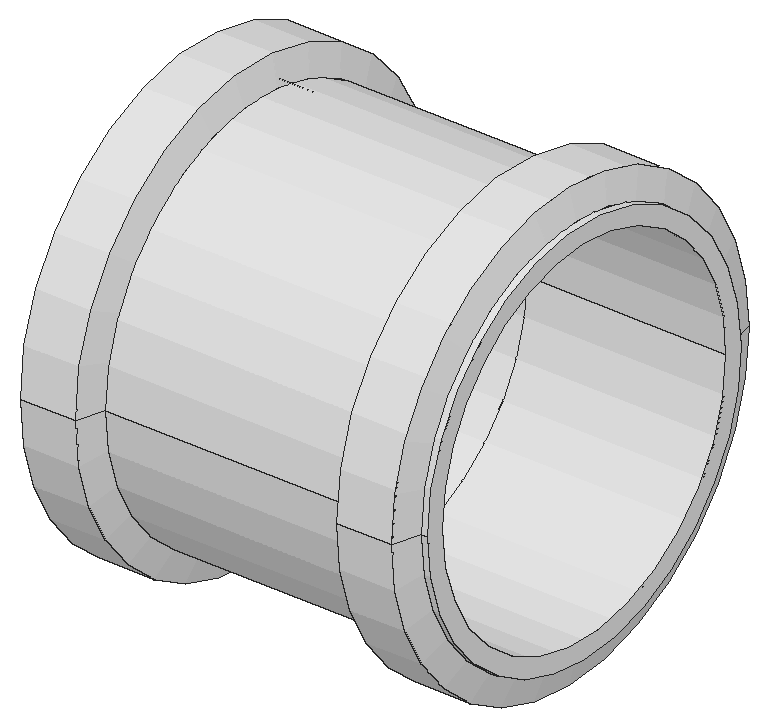
Revit family "Luva_de_Correr", category Pipe Fittings, Revit 2025
Family settings
  Round Connector Dimension = Use Radius
  Part Type = Union
  Work Plane-Based = No
  Always vertical = Yes
  Cut with Voids When Loaded = No
  Shared = No
Parameters (values of type "Standard")
  URL = "http://www.tigre.com.br"
  Type Comments = ""
  Tigre: Sistema = "Esgoto"  # constant formula
  Tigre: Norma = ""
  Tigre: Material = "PVC Branco"  # constant formula
  Tigre: Marcador [instance] = "00"
  Tigre: Link do Produto = "http://www.tigre.com.br/pt/produtos_unico.php?rcr_id=4&cpr_id=10&cpr_id_pai=4&lnh_id=9&prd_id=712"
  Tigre: Linha = "Série Normal"  # constant formula
  Tigre: Fabricante = "© Tigre S/A"  # constant formula
  Tigre: Descrição [instance] = if(Diâmetro Nominal = 40.00 mm, "Luva de Correr 40mm, Esgoto Série Normal - TIGRE", if(Diâmetro Nominal = 50.00 mm, "Luva de Correr 50mm, Esgoto Série Normal - TIGRE", if(Diâmetro Nominal = 75.00 mm, "Luva de Correr 75mm, Esgoto Série Normal - TIGRE", if(Diâmetro Nominal = 100.00 mm, "Luva de Correr 100mm, Esgoto Série Normal - TIGRE", if(Diâmetro Nominal = 150.00 mm, "Luva de Correr 150mm, Esgoto Série Normal - TIGRE", if(Diâmetro Nominal = 200.00 mm, "Luva de Correr 200mm, Esgoto Série Normal - TIGRE", "Produto Inexistente"))))))  # "Luva de Correr 40mm, Esgoto Série Normal - TIGRE"
  Tigre: Código com Separador [instance] = if(Diâmetro Nominal = 40.00 mm, "27.58.045.9", if(Diâmetro Nominal = 50.00 mm, "26.32.050.0", if(Diâmetro Nominal = 75.00 mm, "26.32.075.5", if(Diâmetro Nominal = 100.00 mm, "26.32.100.0", if(Diâmetro Nominal = 150.00 mm, "26.32.150.6", if(Diâmetro Nominal = 200.00 mm, "26.32.200.6", "Produto ou Código Inexistente"))))))  # "27.58.045.9"
  Tigre: Código [instance] = if(Diâmetro Nominal = 40.00 mm, 27580459, if(Diâmetro Nominal = 50.00 mm, 26320500, if(Diâmetro Nominal = 75.00 mm, 26320755, if(Diâmetro Nominal = 100.00 mm, 26321000, if(Diâmetro Nominal = 150.00 mm, 26321506, if(Diâmetro Nominal = 200.00 mm, 26322006, 0))))))  # 27580459
  Tigre: Comentários [instance] = ""
  Representação Unifilar [instance] = Diâmetro Nominal * 0.2  # 8.00 mm
  Raio Nominal [instance] = 20 mm
  Raio Externo 2 [instance] = Diâmetro Externo 2 / 2  # 25.10 mm
  Raio Externo 1 [instance] = Diâmetro Externo 1 / 2  # 22.00 mm
  Model = ""
  Manufacturer = Tigre: Fabricante  # "© Tigre S/A"
  Loss Method = Not Defined
  Lookup Table Name = "Luva de Correr - Serie Normal - Esgoto - MEP - Tigre"
  K Coefficient Table = "Reducer/Coupling/Union/Increaser"
  Description = "Luva de Correr, Esgoto Série Normal - TIGRE"
  Default Elevation = 0.00 mm
  Acabamento [instance] = none
  Diâmetro Nominal [instance] = Raio Nominal * 2  # 40 mm
  Diâmetro Externo 2 [instance] = size_lookup(Lookup Table Name, "DE2", 1.0863 * Diâmetro Nominal + 7.62 mm, Diâmetro Nominal)  # 50.2 mm
  Diâmetro Externo 1 [instance] = size_lookup(Lookup Table Name, "DE1", 1.0327 * Diâmetro Nominal + 2.80 mm, Diâmetro Nominal)  # 44 mm
  Cota E [instance] = size_lookup(Lookup Table Name, "CotE", 0.0939 * Diâmetro Nominal + 3.81 mm, Diâmetro Nominal)  # 6.2 mm
  Cota D [instance] = size_lookup(Lookup Table Name, "CotD", 0.0274 * Diâmetro Nominal + 3.24 mm, Diâmetro Nominal)  # 1.6 mm
  Cota C [instance] = size_lookup(Lookup Table Name, "CotC", 0.0242 * Diâmetro Nominal + 2.39 mm, Diâmetro Nominal)  # 0.8 mm
  Cota B [instance] = size_lookup(Lookup Table Name, "CotB", 0.6502 * Diâmetro Nominal + 7.45 mm, Diâmetro Nominal)  # 28.55 mm
  Cota A [instance] = size_lookup(Lookup Table Name, "CotA", 0.89347 * Diâmetro Nominal + 22.35 mm, Diâmetro Nominal)  # 45 mm
Reference planes
  plane 1 "Center (Front/Back)": y = 0
  plane 2: z = 0
  plane 3 "Center (Left/Right)": x = 0
  plane 4: x = -22.5
  plane 5: x = -21.7
  plane 6: x = -20.9
  plane 7: x = -14.7
  plane 8: x = -13.85
  plane 9: x = 22.5
  plane 10: x = 21.7
  plane 11: x = 20.9
  plane 12: x = 14.7
  plane 13: x = 13.85
  plane 14: y = 8
  plane 15: y = -8
Forms (mm)
  Sweep 1, solid, material "PVC", detail levels fine
    path origin (0, 0, 0) x (1, 0, 0) y (0, 1, 0)
      loop
        line (-13.85, 0) -> (13.85, 0)
    profile origin (0, 0, 0) x (0, 1, 0) y (0, 0, 1)
      loop
        circle (0, 0) r 22
  Sweep 2, solid, material "PVC", detail levels fine
    path origin (0, 0, 0) x (1, 0, 0) y (0, 1, 0)
      loop
        line (-20.9, 0) -> (-14.7, 0)
    profile origin (-17.8, 0, 0) x (0, 1, 0) y (0, 0, 1)
      loop
        circle (0, 0) r 25.1
  SweptBlend 3, solid, material "PVC", detail levels fine
    path origin (0, 0, 0) x (1, 0, 0) y (0, 1, 0)
      loop
        line (-21.7, 0) -> (-20.9, 0)
    profile origin (-21.7, 0, 0) x (0, 1, 0) y (0, 0, 1)
      loop
        circle (0, 0) r 22
    end profile origin (-20.9, 0, 0) x (0, 1, 0) y (0, 0, 1)
      loop
        circle (0, 0) r 25.1
  SweptBlend 4, solid, material "PVC", detail levels fine
    path origin (0, 0, 0) x (1, 0, 0) y (0, 1, 0)
      loop
        line (-14.7, 0) -> (-13.85, 0)
    profile origin (-14.7, 0, 0) x (0, 1, 0) y (0, 0, 1)
      loop
        circle (0, 0) r 25.1
    end profile origin (-13.85, 0, 0) x (0, 1, 0) y (0, 0, 1)
      loop
        circle (0, 0) r 22
  Sweep 5, solid, material "PVC", detail levels fine
    path origin (0, 0, 0) x (1, 0, 0) y (0, 1, 0)
      loop
        line (-22.5, 0) -> (-21.7, 0)
    profile origin (-22.1, 0, 0) x (0, 1, 0) y (0, 0, 1)
      loop
        circle (0, 0) r 22
  SweptBlend 6, solid, material "PVC", detail levels fine
    path origin (0, 0, 0) x (1, 0, 0) y (0, 1, 0)
      loop
        line (13.85, 0) -> (14.7, 0)
    profile origin (13.85, 0, 0) x (0, 1, 0) y (0, 0, 1)
      loop
        circle (0, 0) r 22
    end profile origin (14.7, 0, 0) x (0, 1, 0) y (0, 0, 1)
      loop
        circle (0, 0) r 25.1
  Sweep 7, solid, material "PVC", detail levels fine
    path origin (0, 0, 0) x (1, 0, 0) y (0, 1, 0)
      loop
        line (14.7, 0) -> (20.9, 0)
    profile origin (17.8, 0, 0) x (0, 1, 0) y (0, 0, 1)
      loop
        circle (0, 0) r 25.1
  SweptBlend 8, solid, material "PVC", detail levels fine
    path origin (0, 0, 0) x (1, 0, 0) y (0, 1, 0)
      loop
        line (20.9, 0) -> (21.7, 0)
    profile origin (20.9, 0, 0) x (0, 1, 0) y (0, 0, 1)
      loop
        circle (0, 0) r 25.1
    end profile origin (21.7, 0, 0) x (0, 1, 0) y (0, 0, 1)
      loop
        circle (0, 0) r 22
  Sweep 9, solid, material "PVC", detail levels fine
    path origin (0, 0, 0) x (1, 0, 0) y (0, 1, 0)
      loop
        line (21.7, 0) -> (22.5, 0)
    profile origin (22.1, 0, 0) x (0, 1, 0) y (0, 0, 1)
      loop
        circle (0, 0) r 22
  Sweep 10, void
    path origin (0, 0, 0) x (1, 0, 0) y (0, 1, 0)
      loop
        line (0, 0) -> (-22.5, 0)
    profile origin (-11.25, 0, 0) x (0, -1, 0) y (0, 0, 1)
      loop
        circle (0, 0) r 20
  Sweep 11, void
    path origin (0, 0, 0) x (-1, 0, 0) y (0, 1, 0)
      loop
        line (0, 0) -> (-22.5, 0)
    profile origin (11.25, 0, 0) x (0, 1, 0) y (0, 0, 1)
      loop
        circle (0, 0) r 20
Cuts and joins
  Sweep 10, Sweep 11 cuts Sweep 1
  Sweep 10, Sweep 11 cuts Sweep 2
  Sweep 10, Sweep 11 cuts SweptBlend 3
  Sweep 10, Sweep 11 cuts SweptBlend 4
  Sweep 10, Sweep 11 cuts Sweep 5
  Sweep 10, Sweep 11 cuts SweptBlend 6
  Sweep 10, Sweep 11 cuts Sweep 7
  Sweep 10, Sweep 11 cuts SweptBlend 8
  Sweep 10, Sweep 11 cuts Sweep 9
  joined: Sweep 1, Sweep 2, SweptBlend 3, SweptBlend 4, Sweep 5, SweptBlend 6, Sweep 7, SweptBlend 8, Sweep 9
Lines and regions (mm)
  model lines, detail levels coarse+medium
    curve 1: line (-8, 0, 0) -> (8, 0, 0)
    curve 2: line (-8, 8, 0) -> (-8, -8, 0)
    curve 3: line (8, 8, 0) -> (8, -8, 0)
Dimensions and locks
  equal spacing: plane 15, plane 1 "Center (Front/Back)", plane 14
  "Representação Unifilar": plane 14 to plane 1 "Center (Front/Back)"
  "Cota A": plane 4 to plane 9
  equal spacing: plane 4, plane 3 "Center (Left/Right)", plane 9
  "Cota B": plane 8 to plane 12
  equal spacing: plane 8, plane 3 "Center (Left/Right)", plane 13
  "Cota C": plane 4 to plane 5
  "Cota C": plane 10 to plane 9
  "Cota D": plane 4 to plane 6
  "Cota D": plane 11 to plane 9
  "Cota E": plane 6 to plane 7
  "Cota E": plane 12 to plane 11
  "Representação Unifilar": curve 2 to plane 3 "Center (Left/Right)"
  "Representação Unifilar": plane 3 "Center (Left/Right)" to curve 3
  "Raio Externo 1": radius of Sweep 1 sketch curve
  "Raio Externo 2": radius of Sweep 2 sketch curve
  "Raio Externo 2": radius of Sweep 7 sketch curve
  "Raio Nominal": radius of Sweep 10 sketch curve
  "Raio Nominal": radius of Sweep 11 sketch curve
  aligned and locked: plane 1 "Center (Front/Back)" to Sweep 1 sketch curve
  aligned and locked: plane 8 to Sweep 1 sketch curve
  aligned and locked: plane 13 to Sweep 1 sketch curve
  aligned and locked: plane 1 "Center (Front/Back)" to Sweep 2 sketch curve
  aligned and locked: plane 6 to Sweep 2 sketch curve
  aligned and locked: plane 7 to Sweep 2 sketch curve
  aligned and locked: plane 1 "Center (Front/Back)" to SweptBlend 3 sketch curve
  aligned and locked: plane 5 to SweptBlend 3 sketch curve
  aligned and locked: plane 6 to SweptBlend 3 sketch curve
  aligned and locked: SweptBlend 3 sketch curve to Sweep 1  (x2)
  aligned and locked: SweptBlend 4 sketch curve to Sweep 2  (x3)
  aligned and locked: Sweep 1 to SweptBlend 4 sketch curve
  aligned and locked: plane 1 "Center (Front/Back)" to SweptBlend 4 sketch curve
  aligned and locked: SweptBlend 4 sketch curve to Sweep 1  (x2)
  aligned and locked: plane 4 to Sweep 5 sketch curve
  aligned and locked: plane 5 to Sweep 5 sketch curve
  aligned and locked: plane 1 "Center (Front/Back)" to Sweep 5 sketch curve
  aligned and locked: Sweep 5 sketch curve to Sweep 1  (x2)
  aligned and locked: Sweep 1 to SweptBlend 6 sketch curve
  aligned and locked: plane 12 to SweptBlend 6 sketch curve
  aligned and locked: plane 1 "Center (Front/Back)" to SweptBlend 6 sketch curve
  aligned and locked: SweptBlend 6 sketch curve to Sweep 5  (x2)
  aligned and locked: plane 12 to Sweep 7 sketch curve
  aligned and locked: plane 11 to Sweep 7 sketch curve
  aligned and locked: plane 1 "Center (Front/Back)" to Sweep 7 sketch curve
  aligned and locked: SweptBlend 8 sketch curve to Sweep 7
  aligned and locked: plane 10 to SweptBlend 8 sketch curve
  aligned and locked: plane 1 "Center (Front/Back)" to SweptBlend 8 sketch curve
  aligned and locked: SweptBlend 8 sketch curve to Sweep 5  (x2)
  aligned and locked: plane 9 to Sweep 9 sketch curve
  aligned and locked: plane 1 "Center (Front/Back)" to Sweep 9 sketch curve
  aligned and locked: plane 10 to Sweep 9 sketch curve
  aligned and locked: Sweep 9 sketch curve to Sweep 5  (x2)
  aligned and locked: SweptBlend 3 sketch curve to Sweep 2  (x2)
  aligned and locked: SweptBlend 6 sketch curve to Sweep 2  (x2)
  aligned and locked: SweptBlend 8 sketch curve to Sweep 2  (x2)
  aligned and locked: plane 14 to curve 2
  aligned and locked: plane 14 to curve 3
  aligned and locked: plane 15 to curve 3
  aligned and locked: plane 15 to curve 2
  aligned and locked: plane 1 "Center (Front/Back)" to curve 1
  aligned and locked: plane 1 "Center (Front/Back)" to Sweep 10 sketch curve
  aligned and locked: plane 4 to Sweep 10 sketch curve
  aligned and locked: plane 9 to Sweep 11 sketch curve
  aligned and locked: plane 1 "Center (Front/Back)" to Sweep 11 sketch curve
  aligned and locked: plane 3 "Center (Left/Right)" to Sweep 10 sketch curve
  aligned and locked: plane 3 "Center (Left/Right)" to Sweep 11 sketch curve
Automatic sketch dimensions
  Sweep 1 sketch curve to level = 0.00 mm
  Sweep 1 sketch curve to profile plane = 0.00 mm
  Sweep 2 sketch curve to level = 0.00 mm
  Sweep 2 sketch curve to profile plane = 0.00 mm
  Sweep 7 sketch curve to level = 0.00 mm
  Sweep 7 sketch curve to profile plane = 0.00 mm
  Sweep 10 sketch curve to level = 0.00 mm
  Sweep 10 sketch curve to profile plane = 0.00 mm
  Sweep 11 sketch curve to level = 0.00 mm
  Sweep 11 sketch curve to profile plane = 0.00 mm
Connectors
  piping at (0, 0, 0), diameter 40, driven by "Raio Nominal"
    settings: on cut or joined group of Sweep 1, Sweep 2, SweptBlend 3, SweptBlend 4, Sweep 5, SweptBlend 6, Sweep 7, SweptBlend 8, Sweep 9, Sweep 10, Sweep 11, index 1, connector inside diameter 40 mm, connector length 0.00 mm, flow factor 0, pipe flow 0.0 L/s, pressure drop 0.0 Pa, fitting loss kfactor 0, connector angle 0.00°, fixture units 0, engagement length 0.00 mm, angle of deflection 0.00°, flow configuration 0, flow direction 0, fitting loss method 0, system type 28, joint type 0, gender type 0, connector reference index 2, connector utility 0, adjustable connector no, is connector primary yes, connector description ""
  piping at (0, 0, 0), diameter 40, driven by "Raio Nominal"
    settings: on cut or joined group of Sweep 1, Sweep 2, SweptBlend 3, SweptBlend 4, Sweep 5, SweptBlend 6, Sweep 7, SweptBlend 8, Sweep 9, Sweep 10, Sweep 11, index 2, connector inside diameter 40 mm, connector length 0.00 mm, flow factor 0, pipe flow 0.0 L/s, pressure drop 0.0 Pa, fitting loss kfactor 0, connector angle 0.00°, fixture units 0, engagement length 0.00 mm, angle of deflection 0.00°, flow configuration 0, flow direction 0, fitting loss method 0, system type 28, joint type 0, gender type 0, connector reference index 1, connector utility 0, adjustable connector no, is connector primary no, connector description ""
